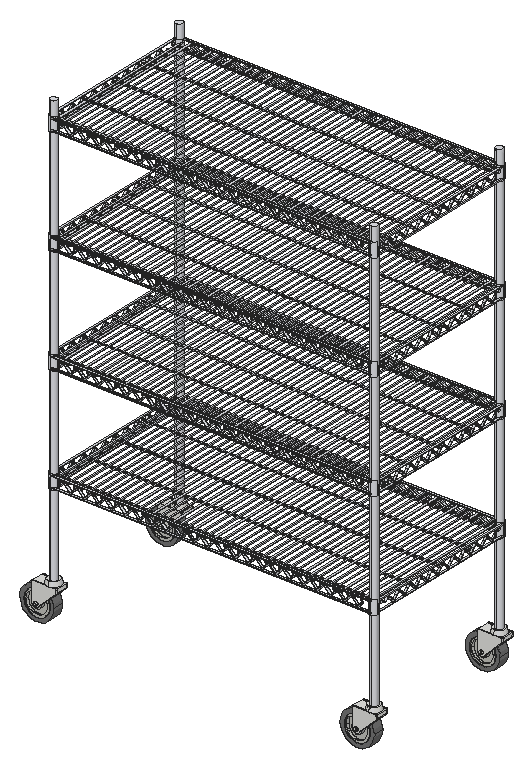
Revit family "Wire_Shelving-Salsbury_Industries-Mobile_Units_48_Wide", category Specialty Equipment, Revit 2016 (continued)
Definition of nested family "Wire Shelving Wheel"
  Dimensions and locks (in)
    aligned and locked: plane 12 "Horizontal Center of Wheel" to Extrusion 3 sketch curve  (x2)
    aligned and locked: plane 15 "Vertical Center of Wheel" to Extrusion 3 sketch curve  (x2)
    aligned and locked: Extrusion 1 to Extrusion 3
    aligned and locked: plane 19 to Extrusion 3
    aligned and locked: Extrusion 4 to plane 20
    aligned and locked: Extrusion 1 to Extrusion 4
    aligned and locked: plane 16 to Blend 5 sketch curve  (x2)
    aligned and locked: plane 1 "Center (Front/Back)" to Blend 5 sketch curve  (x2)
    aligned and locked: Blend 5 to plane 10
    aligned and locked: plane 11 "Top of Wheel Brace" to Blend 5
    aligned and locked: Extrusion 6 to plane 22
    aligned and locked: plane 21 "Right Side of Bracket" to Extrusion 6
    aligned and locked: plane 12 "Horizontal Center of Wheel" to Extrusion 6 sketch curve
    aligned and locked: plane 15 "Vertical Center of Wheel" to Extrusion 6 sketch curve
    aligned and locked: plane 24 to Extrusion 7
    aligned and locked: Extrusion 7 to plane 23 "Left Side of Bracket"
    aligned and locked: plane 23 "Left Side of Bracket" to Extrusion 8
    aligned and locked: Blend 9 to plane 24
    aligned and locked: plane 26 to Blend 9
    aligned and locked: Blend 10 to plane 22
    aligned and locked: Blend 10 to plane 25
    aligned and locked: plane 12 "Horizontal Center of Wheel" to Extrusion 11 sketch curve
    aligned and locked: plane 15 "Vertical Center of Wheel" to Extrusion 11 sketch curve
    aligned and locked: plane 24 to Extrusion 11
    aligned and locked: curve 1 to plane 1 "Center (Front/Back)"
    aligned and locked: curve 2 to plane 16
    aligned and locked: Extrusion 8 to plane 21 "Right Side of Bracket"
    aligned and locked: plane 22 to curve 3
    aligned and locked: curve 5 to plane 24
    aligned and locked: plane 5 to curve 6
    aligned and locked: plane 14 to curve 4
    aligned and locked: curve 9 to plane 18 "Left Side of Wheel"
    aligned and locked: plane 14 to curve 9
    aligned and locked: plane 17 "Right Side of Wheel" to curve 7
    aligned and locked: curve 8 to plane 4
    aligned and locked: plane 29 to curve 12
    aligned and locked: plane 17 "Right Side of Wheel" to curve 12
    aligned and locked: curve 10 to plane 18 "Left Side of Wheel"
    aligned and locked: curve 11 to plane 8
    aligned and locked: plane 11 "Top of Wheel Brace" to curve 13
    aligned and locked: curve 14 to plane 30
    aligned and locked: plane 23 "Left Side of Bracket" to curve 15
    aligned and locked: curve 13 to plane 24
    aligned and locked: plane 30 to curve 17
    aligned and locked: plane 21 "Right Side of Bracket" to curve 18
    aligned and locked: curve 16 to plane 22
    aligned and locked: curve 19 to Extrusion 8
    aligned and locked: Blend 5 to curve 20
    aligned and locked: curve 21 to Blend 5
    aligned and locked: curve 23 to Extrusion 7
    aligned and locked: curve 24 to Extrusion 8
    aligned and locked: curve 25 to Extrusion 7
    aligned and locked: curve 26 to Extrusion 6
    aligned and locked: Extrusion 7 to plane 11 "Top of Wheel Brace"
    aligned and locked: curve 28 to Extrusion 6
    aligned and locked: curve 29 to Extrusion 7
    aligned and locked: curve 30 to Extrusion 7
    aligned and locked: curve 40 to Blend 5
  Automatic sketch dimensions
    Extrusion 4 sketch curve to Extrusion 4 sketch curve = 0.000"  (x2)
    Extrusion 4 sketch curve to plane 12 "Horizontal Center of Wheel" = 0.000"
    Extrusion 4 sketch curve to plane 15 "Vertical Center of Wheel" = 0.000"
    Blend 9 sketch curve to plane 12 "Horizontal Center of Wheel" = 0.000"  (x2)
    Blend 9 sketch curve to plane 15 "Vertical Center of Wheel" = 0.000"  (x2)
    Blend 10 sketch curve to plane 12 "Horizontal Center of Wheel" = 0.000"  (x2)
    Blend 10 sketch curve to plane 15 "Vertical Center of Wheel" = 0.000"  (x2)
    plane 19 to curve 2 = 0.000"
    plane 20 to curve 2 = 0.000"
    plane 16 to curve 1 = 0.4616"
    plane 28 to curve 1 = 0.38808"
    Extrusion 6 sketch curve to plane 11 "Top of Wheel Brace" = 0.000"
    Extrusion 6 sketch curve to plane 14 = 0.000"
    Extrusion 6 sketch curve to plane 30 = 0.000"
    Extrusion 6 sketch curve to plane 12 "Horizontal Center of Wheel" = 0.000"
    plane 5 to Extrusion 6 sketch curve = 0.000"
    Extrusion 6 sketch curve to plane 15 "Vertical Center of Wheel" = 0.04845"
    plane 12 "Horizontal Center of Wheel" to Extrusion 6 sketch curve = 0.23277"
    plane 3 "Center (Left/Right)" to Extrusion 6 sketch curve = 0.26723"
    Extrusion 6 sketch curve to plane 28 = 0.0065"
    Extrusion 6 sketch curve to plane 29 = 0.125"
    Extrusion 7 sketch curve to plane 11 "Top of Wheel Brace" = 0.000"
    Extrusion 7 sketch curve to plane 14 = 0.000"
    Extrusion 7 sketch curve to plane 30 = 0.000"
    Extrusion 7 sketch curve to plane 12 "Horizontal Center of Wheel" = 0.000"  (x2)
    Extrusion 7 sketch curve to plane 15 "Vertical Center of Wheel" = 0.000"
    plane 5 to Extrusion 7 sketch curve = 0.000"
    Extrusion 7 sketch curve to plane 15 "Vertical Center of Wheel" = 0.04845"
    plane 12 "Horizontal Center of Wheel" to Extrusion 7 sketch curve = 0.23277"
    plane 3 "Center (Left/Right)" to Extrusion 7 sketch curve = 0.26723"
    Extrusion 7 sketch curve to plane 28 = 0.0065"
    Extrusion 7 sketch curve to plane 29 = 0.125"
    Extrusion 8 sketch curve to plane 14 = 0.000"
    Extrusion 8 sketch curve to plane 27 = 0.000"
    plane 28 to Extrusion 8 sketch curve = 0.000"
    Extrusion 8 sketch curve to plane 11 "Top of Wheel Brace" = 0.000"
    plane 5 to Extrusion 8 sketch curve = 0.000"
    Extrusion 8 sketch curve to plane 29 = 0.000"
    plane 28 to Extrusion 8 sketch curve = 0.1185"
    Extrusion 8 sketch curve to plane 27 = 0.0065"
    Extrusion 8 sketch curve to plane 29 = 0.125"
    curve 20 to plane 23 "Left Side of Bracket" = 0.000"
    curve 21 to plane 21 "Right Side of Bracket" = 0.000"
    plane 11 "Top of Wheel Brace" to curve 16 = 0.000"
    curve 31 to curve 32 = 0.000"
    curve 31 to curve 33 = 0.000"  (x2)
    curve 31 to curve 34 = 0.000"
    curve 32 to curve 33 = 0.000"
    curve 33 to curve 34 = 0.000"
    curve 34 to curve 38 = 0.000"  (x2)
    curve 35 to curve 36 = 0.000"  (x2)
    curve 35 to curve 37 = 0.000"  (x2)
    curve 35 to curve 39 = 0.000"
    curve 36 to curve 38 = 0.000"  (x2)
    curve 37 to curve 39 = 0.000"
    curve 36 to plane 12 "Horizontal Center of Wheel" = 0.000"
    curve 36 to plane 15 "Vertical Center of Wheel" = 0.000"
    plane 12 "Horizontal Center of Wheel" to curve 25 = 0.23277"
    plane 28 to curve 40 = 0.125"
    curve 38 to plane 13 = 0.00001"
    curve 38 to plane 15 "Vertical Center of Wheel" = 0.00336"
    curve 34 to plane 15 "Vertical Center of Wheel" = 0.00333"
    curve 36 to plane 15 "Vertical Center of Wheel" = 0.00332"
    level to curve 33 = 0.000"
    curve 33 to plane 15 "Vertical Center of Wheel" = 0.00314"
    plane 3 "Center (Left/Right)" to curve 42 = 0.64437"
    curve 42 to curve 42 = 0.10563"
    curve 37 to plane 9 = 0.18763"
    plane 16 to curve 35 = 0.22185"
    curve 37 to curve 36 = 0.000"
    curve 35 to curve 34 = 0.000"
    radius of Extrusion 1 sketch curve = 2.500"
    radius of Extrusion 1 sketch curve = 1.88377"
    radius of Extrusion 3 sketch curve = 1.59362"
    radius of Extrusion 3 sketch curve = 0.750"
    radius of Extrusion 4 sketch curve = 1.59362"
    radius of Extrusion 4 sketch curve = 0.750"
    radius of Blend 5 sketch curve = 1.000"
    radius of Blend 5 sketch curve = 0.875"
    radius of Blend 9 sketch curve = 0.250"
    radius of Blend 9 sketch curve = 0.200"
    radius of Blend 10 sketch curve = 0.250"
    radius of Blend 10 sketch curve = 0.200"
    radius of Extrusion 2 sketch curve = 1.88377"
    radius of Extrusion 2 sketch curve = 0.250"
    radius of Extrusion 11 sketch curve = 0.250"
    radius of Extrusion 6 sketch curve = 0.250"
    radius of Extrusion 7 sketch curve = 0.250"
    radius of curve 31 = 0.250"
Types (5): name | Shelf 4 | Shelf 3 | Shelf 2 | Shelf 1 | Model | Height | Description | Depth
  (no name) | Wire_Shelving-Shelves : 9144 | Wire_Shelving-Shelves : 9144 | Wire_Shelving-Shelves : 9144 | Wire_Shelving-Shelves : 9144 | "9544M" | 69.000" | "48\" Wide - 69\" High - 24\" Deep - Certified by the National Sanitation Foundation (NSF)" | 24.000"
  9548M | Wire_Shelving-Shelves : 9148 | Wire_Shelving-Shelves : 9148 | Wire_Shelving-Shelves : 9148 | Wire_Shelving-Shelves : 9148 | "9548M" | 69.000" | "48\" Wide - 69\" High - 18\" Deep - Certified by the National Sanitation Foundation (NSF)" | 18.000"
  9544M | Wire_Shelving-Shelves : 9144 | Wire_Shelving-Shelves : 9144 | Wire_Shelving-Shelves : 9144 | Wire_Shelving-Shelves : 9144 | "9544M" | 69.000" | "48\" Wide - 69\" High - 24\" Deep - Certified by the National Sanitation Foundation (NSF)" | 24.000"
  9644M | Wire_Shelving-Shelves : 9144 | Wire_Shelving-Shelves : 9144 | Wire_Shelving-Shelves : 9144 | Wire_Shelving-Shelves : 9144 | "9644M" | 80.000" | "48\" Wide - 80\" High - 24\" Deep - Certified by the National Sanitation Foundation (NSF)" | 24.000"
  9648M | Wire_Shelving-Shelves : 9148 | Wire_Shelving-Shelves : 9148 | Wire_Shelving-Shelves : 9148 | Wire_Shelving-Shelves : 9148 | "9648M" | 80.000" | "48\" Wide - 80\" High - 18\" Deep - Certified by the National Sanitation Foundation (NSF)" | 18.000"
